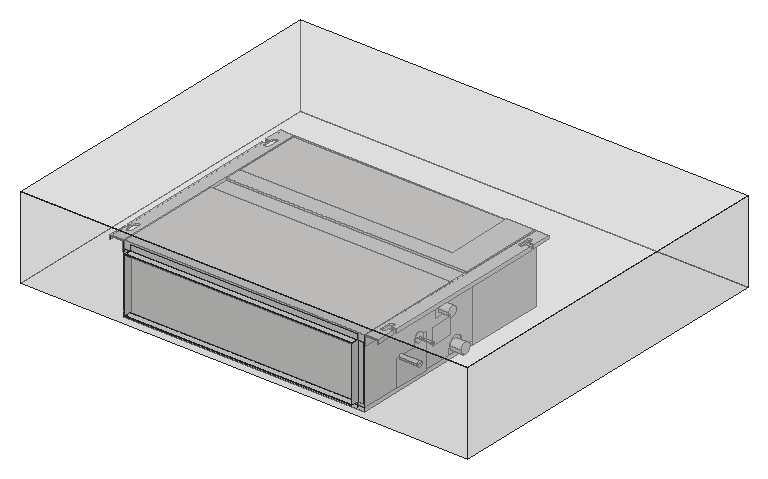
Revit family "outputfile", category 機械設備, Revit 2024
Family settings
  丸型コネクタ寸法 = 半径を使用
  パーツ タイプ = 標準
  OmniClass 番号 = 23.75.10.24.21.27.27
  OmniClass タイトル = Split System Air Conditioning Units
  作業面ベース = いいえ
  常に垂直 = はい
  ロード時にボイドで切り取り = いいえ
  注釈の向きを維持 = いいえ
  共有 = いいえ
  部屋計算ポイント = はい
Parameters (values of type "FXDQ25PDV2S")
  Description = ""
  製造元 = "Daikin"
  書き出し IFC クラス(タイプ) = "IfcUnitaryEquipmentType"
  定義済み IFC タイプ(タイプ) = "AIRCONDITIONINGUNIT"
  Cost = 0
  モデル = "FXDQ25PDV2S"
  Type Comments = ""
  Keynote = ""
  Type Image = (empty or 0)
  Assembly Code = ""
  w_pipe = 33.0 mm
  r_Liquid Pipe Size = Liquid Pipe Size / 2  # 3.2 mm
  r_Gas Pipe Size = Gas Pipe Size / 2  # 6.35 mm
  r_Drain Pipe Size = Drain Pipe Size / 2  # 10.0 mm
  lw_powersupply = 304.0 mm
  lh_suctionflange [instance] = if(Rear Connection_Return Air, 100.0 mm + [h***], 190.0 mm + [h***])  # 100.0 mm
  ld_suctionflange [instance] = if(Rear Connection_Return Air, 190.0 mm, 100.0 mm)  # 190.0 mm
  ld_powersupply = 60.0 mm
  angle_vertical_RA [instance] = if(Rear Connection_Return Air, 90.00°, 0.00°)  # 90.00°
  angle horizontal_RA [instance] = if(Rear Connection_Return Air, 180.00°, 270.00°)  # 180.00°
  Voltage_comment_50Hz = "220-240"
  Voltage_50Hz = 220 V
  URL = ""
  Supply Air Direction [instance] = yes
  Sound Power Level_H speed (dB) = 54
  Rear Connection_Return Air [instance] = not(Bottom Connection_Return Air)  # yes
  RA_length = 190.0 mm  # constant formula
  Phase_50Hz = 1
  Minimum External Static Pressure = 10.00 Pa
  Minimum Circuit Amps_50Hz = 0.8 A
  Maximum Fuse Amps_50Hz = 16.0 A
  Maximum External Static Pressure = 30.00 Pa
  Material_Casing = DAIKIN_GalvanizedSteel_Casing_indoorunit
  lw_liquidpipe = 46.0 mm  # constant formula
  lw_gaspipe = 57.0 mm  # constant formula
  lw_mountinghole_pitch = 740.0 mm  # constant formula
  lw_mountinghole = 20.0 mm  # constant formula
  lw_drainpipe = 33.0 mm  # constant formula
  lh_powersupply = 10.0 mm
  lh_liquidpipe = 110.0 mm
  lh_gaspipe = 87.0 mm
  lh_mountinghole = Height + [h***]  # 200.0 mm
  lh_drainpipe = 150.0 mm
  lh_dischargeflange = 100.0 mm
  lh_antena = 1.0 mm  # constant formula
  ld_liquidpipe = 193.0 mm  # constant formula
  ld_gaspipe = 130.0 mm  # constant formula
  ld_mountinghole_pitch = 500.0 mm  # constant formula
  ld_drainpipe = 280.0 mm
  ld_controlbox = 626.0 mm  # constant formula
  h*** = 0.0 mm  # constant formula
  d_dischargeflange = 21.2 mm  # constant formula
  Width = 700.0 mm
  Version = "ver.1.0"
  Unit Type = "Slim Duct (Standard) Type"
  Unit Mass Weight = 23.00 kg
  Unit Designation [instance] = ""
  Uniclass2015Version = "Products v1.30"
  Uniclass2015Title = "Variable refrigerant flow units"
  Uniclass2015Code = "Pr_70_65_03_94"
  Total Heating Capacity [instance] = 0.000 kW
  Total Cooling Capacity [instance] = 0.000 kW
  Sound Pressure Level_M speed (dBA) = 0
  Sound Pressure Level_L speed (dBA) = 23
  Sound Pressure Level_H speed (dBA) = 28
  Series = "VRV Fan Coil Unit"
  Sensible Cooling Capacity [instance] = 0.000 kW
  SA Duct Size Width = 660.0 mm
  SA Duct Size Height = 160.0 mm
  Refrigerant Type = "R410A"
  RA Duct Size Width = 600.0 mm
  RA Duct Size Height = 180.0 mm
  Power Input (Heating) = 0.067 kW
  Power Input (Cooling) = 0.086 kW
  Option Accessory 3 [instance] = ""
  Option Accessory 2 [instance] = ""
  Option Accessory 1 [instance] = ""
  Nominal Heating Capacity = 3.200 kW
  Nominal Cooling Capacity = 2.800 kW
  Minimum Airflow = 384.00 m³/h
  Median Airflow = 432.00 m³/h
  Maximum Airflow = 480.00 m³/h
  Load Classification = HVAC
  Liquid Pipe Size = 6.4 mm
  Link_Nested Family [instance] = ""
  IfcVersion = "0"
  IfcExportType = "AIRCONDITIONINGUNIT"
  IfcExportAs = "IfcUnitaryEquipmentType"
  Height = 200.0 mm
  Heating Entering Wet Bulb Temperature [instance] = 0.00 °C
  Heating Entering Dry Bulb Temperature [instance] = 0.00 °C
  Heating Ambient Wet Bulb Temperature [instance] = 0.00 °C
  Heating Ambient Dry Bulb Temperature [instance] = 0.00 °C
  Heat Exchanger Type = "Cross Fin Coil"
  Gas Pipe Size = 12.7 mm
  Frequency_50Hz = 50 Hz
  Fan Type = "Sirocco Fan"
  Fan Drive = "Direct Drive"
  FCU Tag No. [instance] = ""
  Drain Pipe Size = 20.0 mm
  Design Supply Airflow [instance] = 0.00 m³/h
  Design Return Airflow [instance] = 0.00 m³/h
  Design External Static Pressure [instance] = 0.00 Pa
  Depth = 620.0 mm
  既定の高さ = 0.0 mm
  Cooling Entering Wet Bulb Temperature [instance] = 0.00 °C
  Cooling Entering Dry Bulb Temperature [instance] = 0.00 °C
  Cooling Ambient Wet Bulb Temperature [instance] = 0.00 °C
  Cooling Ambient Dry Bulb Temperature [instance] = 0.00 °C
  Clearance visibility [instance] = yes
  Clearance Top = 20.0 mm
  Clearance Right = 300.0 mm
  Clearance Rear = 400.0 mm
  Clearance Left = 300.0 mm
  Clearance Front = 0.0 mm
  Clearance Bottom = 20.0 mm
  Bottom Connection_Return Air [instance] = no
Reference planes
  plane 1 "Center (Front/Back)": y = 0
  plane 2: z = 0
  plane 3 "Center (Left/Right)": x = 0
  plane 4 "Back": y = 310
  plane 5 "Front": y = -310
  plane 6 "Left": x = -350
  plane 7 "Right": x = 350
  plane 8 "Top": z = 0
  plane 9 "Bottom": z = -200
  plane 10: x = 330
  plane 11: x = -330
  plane 12: z = -190
  plane 13: z = -6
  plane 14: z = -22
  plane 15: z = -90
  plane 16: z = -113
  plane 17: x = -304
  plane 18: x = 304
  plane 19: x = -370
  plane 20: x = 370
  plane 21: y = -250
  plane 22: y = 250
  plane 23: x = -390
  plane 24: x = 390
  plane 25: x = 396
  plane 26: x = 407
  plane 27: x = 383
  plane 28: z = 0
  plane 29: z = -50
  plane 30 "Clearance Left": x = -650
  plane 31 "Clearance Right": x = 650
  plane 32 "Clearance Rear": y = 710
  plane 33 "Clearance Front": y = -310
  plane 34 "Clearance Top": z = 20
  plane 35 "Clearance Bottom": z = -220
  plane 36: z = -21
  plane 37: z = -170
  plane 38: z = -96.5
  plane 39: x = -40
  plane 40: y = -180
  plane 41: y = -117
  plane 42: y = -30
  plane 43: y = 20
  plane 44: z = -97.5
  plane 45: y = -309
  plane 46: x = -349
  plane 47: z = -100
  plane 48: z = -30
  plane 49: y = 210
  plane 50: z = 301
  plane 51: z = -199
  plane 52: y = 120
  plane 53: z = -101
Forms (mm)
  Extrusion 1, solid
    sketch origin (0, 0, 0) x (1, 0, 0) y (0, 0, 1)
      loop
        line (-350, -190) -> (-350, -200) -> (350, -200) -> (350, -190) -> (-350, -190)
    from -84 to 310
  Extrusion 2, solid, material "DAIKIN_GalvanizedSteel_Casing_indoorunit" <- "Material_Casing"
    sketch origin (0, 0, 0) x (1, 0, 0) y (0, 1, 0)
      loop
        line (-350, -309) -> (350, -309) -> (350, 310) -> (-350, 310) -> (-350, -309)
    from -200 to 0
  Extrusion 3, void
    sketch origin (0, 0, 1) x (1, 0, 0) y (0, 1, 0)
      loop
        line (-350, 62.179) -> (-350, 4.179) -> (350, 4.179) -> (350, 62.179) -> (-350, 62.179)
    from -1 to -7
  Extrusion 4, void
    sketch origin (0, 0, 0) x (0, 1, 0) y (0, 0, 1)
      loop
        line (-5, -190) -> (45, -190) -> (45, -170)
        arc (45, -170) -> (20, -145) -> (-5, -170) r 25
        line (-5, -170) -> (-5, -190)
    from 350 to 345
  Revolve 5, solid, material "DAIKIN_GalvanizedSteel_Casing_indoorunit" <- "Material_Casing"
    sketch origin (0, 0, -113) x (0, -1, 0) y (1, 0, 0)
      loop
        line (173.65, 351) -> (180, 351) -> (180, 407) -> (173.65, 407) -> (173.65, 351)
      axis (180, 351) -> (180, 407)
    angle from 0 to 360
  Revolve 6, solid, material "DAIKIN_GalvanizedSteel_Casing_indoorunit" <- "Material_Casing"
    sketch origin (0, 0, -90) x (0, -1, 0) y (1, 0, 0)
      loop
        line (117, 351) -> (117, 396) -> (113.8, 396) -> (113.8, 351) -> (117, 351)
      axis (117, 396) -> (117, 351)
    angle from 0 to 360
  Extrusion 7, solid, material "DAIKIN_GalvanizedSteel_Casing_indoorunit" <- "Material_Casing"
    sketch origin (0, 0, 0) x (0, 1, 0) y (0, 0, 1)
      loop
        circle (-116, -90) r 12.7
    from 350 to 355.007
  Extrusion 8, solid, material "DAIKIN_GalvanizedSteel_Casing_indoorunit" <- "Material_Casing"
    sketch origin (0, 0, 0) x (0, 1, 0) y (0, 0, 1)
      loop
        circle (20, -170) r 15
    from 345 to 380
  Extrusion 9, solid, material "DAIKIN_GalvanizedSteel_Casing_indoorunit" <- "Material_Casing"
    sketch origin (0, 0, 0) x (0, 1, 0) y (0, 0, 1)
      loop
        line (-52, -30) -> (-52, -70) -> (-11, -70) -> (-11, -30) -> (-52, -30)
    from 350 to 351
  Extrusion 10, solid, material "DAIKIN_GalvanizedSteel_Casing_indoorunit" <- "Material_Casing"
    sketch origin (0, 0, 0) x (0, 1, 0) y (0, 0, 1)
      loop
        circle (-30, -50.064) r 13
    from 350 to 383
  Extrusion 11, solid, material "DAIKIN_GalvanizedSteel_Casing_indoorunit" <- "Material_Casing"
    sketch origin (0, 0, 0) x (0, 1, 0) y (0, 0, 1)
      loop
        line (-63.609, -90) -> (-63.609, -136) -> (0.391, -136) -> (0.391, -90) -> (-63.609, -90)
    from 350 to 351
  Extrusion 12, solid, material "DAIKIN_GalvanizedSteel_Casing_indoorunit" <- "Material_Casing"
    sketch origin (0, 0, 0) x (1, 0, 0) y (0, 0, 1)
      loop
        line (-350, -190) -> (-350, -200) -> (350, -200) -> (350, -190) -> (-350, -190)
    from -84 to 310
  Extrusion 13, solid, material "DAIKIN_GalvanizedSteel_Casing_indoorunit" <- "Material_Casing", visible <- "Bottom Connection_Return Air"
    sketch origin (0, 0, 0) x (1, 0, 0) y (0, 0, 1)
      loop
        line (269, -199) -> (269, -1) -> (-349, -1) -> (-349, -199) -> (269, -199)
    from -310 to -309
  Extrusion 14, void
    sketch origin (0, 0, 0) x (1, 0, 0) y (0, 0, 1)
      loop
        line (269, 0) -> (-349, 0) -> (-349, -1) -> (269, -1) -> (269, 0)
    from -310 to -111
  Extrusion 15, solid, material "DAIKIN_GalvanizedSteel_Casing_indoorunit" <- "Material_Casing", visible <- "Rear Connection_Return Air"
    sketch origin (0, 0, 0) x (1, 0, 0) y (0, 1, 0)
      loop
        line (-349, 309) -> (-349, 111) -> (269, 111) -> (269, 309) -> (-349, 309)
    from -200 to -199
  Extrusion 16, solid, material "DAIKIN_GalvanizedSteel_Casing_indoorunit" <- "Material_Casing"
    sketch origin (0, 0, 0) x (0, 1, 0) y (0, 0, 1)
      loop
        line (-194, -113) -> (-194, -190) -> (-88.3, -190) -> (-88.3, -90) -> (-103.3, -90)
        arc (-103.3, -90) -> (-116, -102.7) -> (-128.7, -90) r 12.7
        line (-128.7, -90) -> (-128.7, -113) -> (-173.65, -113)
        arc (-173.65, -113) -> (-180, -119.35) -> (-186.35, -113) r 6.35
        line (-186.35, -113) -> (-194, -113)
    from 351 to 350
  Extrusion 17, solid, material "DAIKIN_GalvanizedSteel_Casing_indoorunit" <- "Material_Casing"
    sketch origin (0, 0, 0) x (0, 1, 0) y (0, 0, 1)
      loop
        line (84, -199) -> (310, -199) -> (310, -22) -> (91, -22) -> (84, -29) -> (84, -199)
    from 351 to 350
Cuts and joins
  Extrusion 3, Extrusion 4, Extrusion 14 cuts Extrusion 2
  Extrusion 4 cuts Extrusion 1
  Extrusion 14 cuts Extrusion 12
Dimensions and locks
  "lh_powersupply": plane 12 to plane 9 "Bottom"
  locked: plane 8 "Top" to plane 13 at 6
  "Height": plane 8 "Top" to plane 9 "Bottom"
  equal spacing: plane 17, plane 3 "Center (Left/Right)", plane 18, locked at 304 each
  locked: plane 17 to plane 18 at 608
  equal spacing: plane 19, plane 3 "Center (Left/Right)", plane 20, locked at 370 each
  "lw_mountinghole_pitch": plane 19 to plane 20
  locked: plane 14 to plane 9 "Bottom" at 178
  "lw_mountinghole": plane 23 to plane 19
  "lh_liquidpipe": plane 15 to plane 9 "Bottom"
  "lh_gaspipe": plane 16 to plane 9 "Bottom"
  "lh_mountinghole": plane 28 to plane 9 "Bottom"
  "ld_mountinghole_pitch": plane 22 to plane 21
  equal spacing: plane 6 "Left", plane 3 "Center (Left/Right)", plane 7 "Right", locked at 350 each
  "Width": plane 6 "Left" to plane 7 "Right"
  "lh_drainpipe": plane 29 to plane 9 "Bottom"
  "Clearance Right": plane 7 "Right" to plane 31 "Clearance Right"
  "Clearance Left": plane 30 "Clearance Left" to plane 6 "Left"
  "lw_gaspipe": plane 7 "Right" to plane 26
  "lw_liquidpipe": plane 7 "Right" to plane 25
  "lw_drainpipe": plane 7 "Right" to plane 27
  "Clearance Rear": plane 32 "Clearance Rear" to plane 4 "Back"
  "Clearance Front": plane 5 "Front" to plane 33 "Clearance Front"
  "Clearance Top": plane 34 "Clearance Top" to plane 8 "Top"
  "Clearance Bottom": plane 9 "Bottom" to plane 35 "Clearance Bottom"
  "ld_powersupply": plane 4 "Back" to plane 22
  "lw_powersupply": plane 3 "Center (Left/Right)" to plane 18
  locked: plane 8 "Top" to plane 36 at 21
  locked: plane 8 "Top" to plane 37 at 170
  locked: plane 40 to plane 41 at 63
  locked: plane 38 to plane 9 "Bottom" at 103.5
  locked: plane 36 to plane 44 at 76.5
  "Depth": plane 4 "Back" to plane 5 "Front"
  equal spacing: plane 4 "Back", plane 1 "Center (Front/Back)", plane 5 "Front"
  locked: plane 45 to plane 5 "Front" at 1
  locked: plane 46 to plane 6 "Left" at 1
  Extrusion 13 sketch curve to Extrusion 13 sketch curve = 198.0 mm
  locked: nested 13 to plane 39 at 300
  locked: plane 12 to plane 47 at 90
  plane 32 "Clearance Rear" to Extrusion 13 = 401.0 mm
  locked: plane 48 to plane 35 "Clearance Bottom" at 190
  locked: plane 49 to nested 14 at 90
  plane 50 to plane 28 = 301.0 mm
  locked: plane 51 to plane 9 "Bottom" at 1
  "ld_suctionflange": plane 4 "Back" to plane 52
  locked: plane 53 to plane 9 "Bottom" at 99
  aligned and locked: level to plane 2
  aligned and locked: Extrusion 2 to plane 9 "Bottom"
  aligned and locked: plane 8 "Top" to Extrusion 2
  aligned and locked: Revolve 5 sketch curve to Revolve 5 sketch curve
  aligned and locked: plane 15 to Extrusion 7 sketch curve
  aligned and locked: cut or joined group of Extrusion 1, Extrusion 4 to plane 9 "Bottom"
  aligned and locked: plane 24 to nested 1
  aligned and locked: nested 1 to plane 23
  aligned and locked: plane 27 to Extrusion 10
  aligned and locked: plane 25 to nested 6
  aligned and locked: nested 6 to plane 15
  aligned and locked: nested 2 to plane 22
  aligned and locked: plane 20 to nested 2
  aligned and locked: plane 20 to nested 3
  aligned and locked: plane 19 to nested 4
  aligned and locked: plane 22 to nested 5
  aligned and locked: nested 5 to plane 22
  aligned and locked: plane 19 to nested 5
  aligned and locked: nested 8 to plane 29
  aligned and locked: Extrusion 10 to nested 8
  aligned and locked: plane 27 to nested 8
  aligned and locked: plane 22 to nested 12
  aligned and locked: plane 18 to nested 12  (x2)
  aligned and locked: nested 12 to plane 18
  aligned and locked: plane 4 "Back" to nested 12
  aligned and locked: cut or joined group of Extrusion 2, Extrusion 3, Extrusion 4, Extrusion 14 to nested 12
  aligned and locked: nested 12 to plane 12
  aligned and locked: plane 8 "Top" to nested 1
  aligned and locked: Extrusion 12 to plane 5 "Front"
  aligned and locked: Extrusion 12 to plane 9 "Bottom"
  aligned and locked: nested 7 to plane 16
  aligned and locked: plane 4 "Back" to nested 1
  aligned and locked: nested 9 to plane 45
  aligned and locked: plane 40 to nested 7
  aligned and locked: plane 41 to nested 6
  aligned and locked: plane 42 to nested 8
  aligned and locked: Extrusion 8 sketch curve to plane 43
  aligned and locked: nested 13 to plane 46
  aligned and locked: plane 4 "Back" to Extrusion 14
  aligned and locked: nested 14 to Extrusion 15
  aligned and locked: nested 15 to plane 49
  aligned and locked: plane 8 "Top" to Extrusion 3
  aligned and locked: Extrusion 13 to cut or joined group of Extrusion 2, Extrusion 3, Extrusion 4, Extrusion 14
  aligned and locked: Extrusion 13 to nested 13
  aligned and locked: plane 9 "Bottom" to Extrusion 15  (x2)
  aligned and locked: plane 9 "Bottom" to nested 15
  aligned and locked: Extrusion 15 to plane 51
  aligned and locked: plane 4 "Back" to nested 13
  aligned and locked: Extrusion 14 to level
  aligned and locked: plane 32 "Clearance Rear" to nested 16
  aligned and locked: plane 31 "Clearance Right" to nested 16
  aligned and locked: plane 30 "Clearance Left" to nested 16
  aligned and locked: nested 16 to plane 33 "Clearance Front"
  aligned and locked: nested 16 to plane 34 "Clearance Top"
  aligned and locked: nested 16 to plane 35 "Clearance Bottom"
  aligned and locked: plane 7 "Right" to Extrusion 16
  aligned and locked: plane 4 "Back" to Extrusion 17
  aligned and locked: Extrusion 17 to plane 51
  aligned and locked: plane 7 "Right" to Extrusion 17
  aligned and locked: Extrusion 16 to Revolve 5 sketch curve
  aligned and locked: Extrusion 3 to plane 13
  aligned and locked: plane 52 to nested 17
  aligned and locked: plane 53 to nested 9
  aligned and locked: Extrusion 14 to nested 14
  aligned and locked: nested 11 to plane 36
  aligned and locked: level to plane 8 "Top"
Automatic sketch dimensions
  Extrusion 1 sketch curve to plane 6 "Left" = 0.0 mm
  Extrusion 1 sketch curve to plane 7 "Right" = 0.0 mm
  Extrusion 1 sketch curve to plane 9 "Bottom" = 0.0 mm
  Extrusion 1 sketch curve to plane 12 = 0.0 mm
  Extrusion 2 sketch curve to plane 4 "Back" = 0.0 mm
  Extrusion 2 sketch curve to plane 6 "Left" = 0.0 mm
  Extrusion 2 sketch curve to plane 7 "Right" = 0.0 mm
  Extrusion 2 sketch curve to plane 45 = 0.0 mm
  Extrusion 3 sketch curve to plane 6 "Left" = 0.0 mm
  Extrusion 3 sketch curve to plane 7 "Right" = 0.0 mm
  Extrusion 3 sketch curve to plane 1 "Center (Front/Back)" = 4.179 mm
  plane 43 to Extrusion 3 sketch curve = 42.179 mm
  Extrusion 4 sketch curve to plane 37 = 0.0 mm
  Extrusion 4 sketch curve to plane 12 = 0.0 mm
  Extrusion 4 sketch curve to plane 43 = 0.0 mm
  plane 1 "Center (Front/Back)" to Extrusion 4 sketch curve = 5.0 mm
  Revolve 6 sketch curve to plane 25 = 0.0 mm  (x2)
  Revolve 6 sketch curve to plane 41 = 0.0 mm  (x2)
  plane 41 to Revolve 6 sketch curve = 3.2 mm
  plane 7 "Right" to Revolve 6 sketch curve = 1.0 mm
  Revolve 6 sketch curve to Revolve 6 sketch curve = 0.0 mm
  plane 41 to Extrusion 7 sketch curve = 1.0 mm
  Extrusion 8 sketch curve to plane 37 = 0.0 mm
  Extrusion 9 sketch curve to plane 42 = 22.0 mm
  plane 1 "Center (Front/Back)" to Extrusion 9 sketch curve = 11.0 mm
  plane 15 to Extrusion 9 sketch curve = 20.0 mm
  Extrusion 9 sketch curve to plane 14 = 8.0 mm
  Extrusion 10 sketch curve to plane 42 = 0.0 mm
  Extrusion 10 sketch curve to plane 29 = 0.064 mm
  plane 15 to Extrusion 11 sketch curve = 0.0 mm
  Extrusion 11 sketch curve to plane 42 = 33.609 mm
  Extrusion 11 sketch curve to plane 1 "Center (Front/Back)" = 0.391 mm
  Extrusion 11 sketch curve to plane 16 = 23.0 mm
  Extrusion 12 sketch curve to plane 6 "Left" = 0.0 mm
  Extrusion 12 sketch curve to plane 7 "Right" = 0.0 mm
  Extrusion 12 sketch curve to plane 9 "Bottom" = 0.0 mm
  Extrusion 12 sketch curve to plane 12 = 0.0 mm
  plane 46 to Extrusion 13 sketch curve = 0.0 mm
  Extrusion 13 sketch curve to plane 18 = 35.0 mm
  plane 46 to Extrusion 14 sketch curve = 0.0 mm
  Extrusion 14 sketch curve to plane 18 = 35.0 mm
  Extrusion 14 sketch curve to plane 8 "Top" = 1.0 mm
  Extrusion 15 sketch curve to plane 46 = 0.0 mm
  Extrusion 15 sketch curve to plane 4 "Back" = 1.0 mm
  Extrusion 15 sketch curve to plane 18 = 35.0 mm
  plane 43 to Extrusion 15 sketch curve = 91.0 mm
  plane 35 "Clearance Bottom" to Extrusion 14 sketch curve = 220.0 mm
  Extrusion 13 sketch curve to plane 51 = 0.0 mm
  Extrusion 16 sketch curve to plane 12 = 0.0 mm
  Extrusion 16 sketch curve to plane 16 = 0.0 mm
  Extrusion 16 sketch curve to plane 40 = 0.0 mm
  Extrusion 16 sketch curve to plane 15 = 0.0 mm
  Extrusion 16 sketch curve to Extrusion 16 sketch curve = 6.35 mm
  Extrusion 16 sketch curve to Extrusion 16 sketch curve = 7.65 mm
  Extrusion 16 sketch curve to plane 41 = 11.7 mm
  plane 41 to Extrusion 16 sketch curve = 1.0 mm
  Extrusion 16 sketch curve to Extrusion 16 sketch curve = 27.7 mm
  Extrusion 17 sketch curve to plane 51 = 0.0 mm
  Extrusion 17 sketch curve to plane 14 = 0.0 mm
  plane 48 to Extrusion 17 sketch curve = 1.0 mm
  plane 43 to Extrusion 17 sketch curve = 64.0 mm
  Extrusion 17 sketch curve to Extrusion 17 sketch curve = 7.0 mm
  Extrusion 17 sketch curve to plane 4 "Back" = 0.0 mm
  Revolve 5 sketch curve to plane 26 = 0.0 mm
  Revolve 5 sketch curve to plane 40 = 0.0 mm
  plane 40 to Revolve 5 sketch curve = 6.35 mm
  Revolve 5 sketch curve to Revolve 5 sketch curve = 1.003 mm  (x2)
  radius of Extrusion 7 sketch curve = 12.7 mm
  radius of Extrusion 8 sketch curve = 15.0 mm
  radius of Extrusion 10 sketch curve = 13.0 mm
Nested families
  nested 1: "daikin_hangerfixture_FXDQ-PDV2S" at (0, 0.5, 0), type "daikin_hangerfixture_FXDQ-PDV2S"
  nested 2: "daikin_mountinghole" at (370, 250, -200), l_antenna <- "lh_antena", Link_Nested Family <- "Link_Nested Family", h_mountinghole <- "lh_mountinghole", type "daikin_mountinghole"
    with show yes, l_antenna 1.0 mm, h_mountinghole 200.0 mm, Link_Nested Family ""
  nested 3: "daikin_mountinghole" at (370, -250, -200), Link_Nested Family <- "Link_Nested Family", l_antenna <- "lh_antena", h_mountinghole <- "lh_mountinghole", type "daikin_mountinghole"
    with show yes, l_antenna 1.0 mm, h_mountinghole 200.0 mm, Link_Nested Family ""
  nested 4: "daikin_mountinghole" at (-370, -250, -200), l_antenna <- "lh_antena", Link_Nested Family <- "Link_Nested Family", h_mountinghole <- "lh_mountinghole", type "daikin_mountinghole"
    with show yes, l_antenna 1.0 mm, h_mountinghole 200.0 mm, Link_Nested Family ""
  nested 5: "daikin_mountinghole" at (-370, 250, -200), l_antenna <- "lh_antena", Link_Nested Family <- "Link_Nested Family", h_mountinghole <- "lh_mountinghole", type "daikin_mountinghole"
    with show yes, l_antenna 1.0 mm, h_mountinghole 200.0 mm, Link_Nested Family ""
  nested 6: "daikin_connector_rotate2" at (350, -117, -90) x (0, 1, 0) z (0, 0, 1), length <- "lw_liquidpipe", built-in parameter 1001364 <- "lh_liquidpipe", radius <- "r_Liquid Pipe Size", type "daikin_connector_rotate2"
    with radius 3.2 mm, length 46.0 mm, angle_vertical 90.00°, show_face no
  nested 7: "daikin_connector_rotate2" at (350, -180, -113) x (0, 1, 0) z (0, 0, 1), length <- "lw_gaspipe", built-in parameter 1001364 <- "lh_gaspipe", radius <- "r_Gas Pipe Size", type "daikin_connector_rotate2"
    with radius 6.35 mm, length 57.0 mm, angle_vertical 90.00°, show_face no
  nested 8: "daikin_connector_rotate2" at (350, -30, -50) x (0, 1, 0) z (0, 0, 1), built-in parameter 1001364 <- "lh_drainpipe", length <- "lw_drainpipe", radius <- "r_Drain Pipe Size", type "daikin_connector_rotate2"
    with radius 10.0 mm, length 33.0 mm, angle_vertical 90.00°, show_face no
  nested 9: "daikin_connector_rotate2" at (0, -309, -101), length <- "d_dischargeflange", built-in parameter 1001364 <- "lh_dischargeflange", type "daikin_connector_rotate2"
    with radius 10.0 mm, length 21.2 mm, angle_vertical 90.00°, show_face no
  nested 10: "daikin_△_symbolicline" at (-76.446, -102.452, 200) x (-0.5, 0.866, 0) z (0, 0, 1), built-in parameter 1001364 <- "Height", visible <- "Supply Air Direction", type "daikin_△_symbolicline"
    with length 300.0 mm
  nested 11: "daikin_ductflange_FXDQ-PDV2S" at (0, 4.5, -371.201), material <- "Material_Casing", type "daikin_ductflange_FXDQ-PDV2S"
    with width 660.0 mm, material DAIKIN_GalvanizedSteel_Casing_indoorunit, height 162.0 mm, depth 21.2 mm
  nested 12: "daikin_connector_rotate2" at (304, 250, -190) x (-1, 0, 0) z (0, 0, 1), built-in parameter 1001364 <- "lh_powersupply", length <- "ld_powersupply", type "daikin_connector_rotate2"
    with radius 10.0 mm, length 60.0 mm, angle_vertical 90.00°, show_face no
  nested 13: "daikin_ductflange_FXDQ-PDV2S2" at (-40, 310, -100), visible <- "Rear Connection_Return Air", material <- "Material_Casing", type "daikin_ductflange_FXDQ-PDV2S2"
    with width 620.0 mm, material DAIKIN_GalvanizedSteel_Casing_indoorunit, height 180.0 mm, depth 21.2 mm
  nested 14: "daikin_ductflange_FXDQ-PDV2S2" at (-40, 210, -200) x (1, 0, 0) z (0, 1, 0), visible <- "Bottom Connection_Return Air", material <- "Material_Casing", type "daikin_ductflange_FXDQ-PDV2S2"
    with width 620.0 mm, material DAIKIN_GalvanizedSteel_Casing_indoorunit, height 180.0 mm, depth 21.2 mm
  nested 15: "daikin_connector_rotate2" at (-40, 210, -178.8) x (1, 0, 0) z (0, 1, 0), length <- "d_dischargeflange", built-in parameter 1001364 <- "lh_dischargeflange", type "daikin_connector_rotate2"
    with radius 10.0 mm, length 21.2 mm, angle_vertical 90.00°, show_face no
  nested 16: "daikin_clearancespace" at (0, 200, -99.881), visible <- "Clearance visibility", show <- "Clearance visibility", Link_Nested Family <- "Link_Nested Family", type "daikin_clearancespace"
    with width 1300.0 mm, show yes, height 240.0 mm, depth 1020.0 mm, Link_Nested Family ""
  nested 17: "daikin_connector_rotate3" at (-40, 120, -100), built-in parameter 1001364 <- "lh_suctionflange", angle_vertical <- "angle_vertical_RA", angle_horizontal <- "angle horizontal_RA", length <- "RA_length", type "daikin_connector_rotate3"
    with show no, radius 10.0 mm, length 190.0 mm, angle_vertical 90.00°, angle_horizontal 180.00°
Connectors
  piping at (407, -180, -113), diameter 12.7, driven by "r_Gas Pipe Size"
    settings: on nested 7, index 1, connector inside diameter 609.6 mm, connector length 0.0 mm, flow factor 0, pipe flow 0.00 m³/h, pressure drop 0.0 Pa, fitting loss kfactor 0, connector angle 0.00°, fixture units 0, engagement length 0.0 mm, angle of deflection 0.00°, flow configuration 1, flow direction 2, fitting loss method 0, system type 29, joint type 0, gender type 0, connector reference index -1, connector utility 0, adjustable connector no, is connector primary yes, connector description "Refrigerant Gas Piping"
  piping at (396, -117, -90), diameter 6.4, driven by "r_Liquid Pipe Size"
    settings: on nested 6, index 2, connector inside diameter 609.6 mm, connector length 0.0 mm, flow factor 0, pipe flow 0.00 m³/h, pressure drop 0.0 Pa, fitting loss kfactor 0, connector angle 0.00°, fixture units 0, engagement length 0.0 mm, angle of deflection 0.00°, flow configuration 1, flow direction 1, fitting loss method 0, system type 29, joint type 0, gender type 0, connector reference index -1, connector utility 0, adjustable connector no, is connector primary no, connector description "Refrigerant Liquid Piping"
  piping at (383, -30, -50), diameter 20, driven by "r_Drain Pipe Size"
    settings: on nested 8, index 3, connector inside diameter 609.6 mm, connector length 0.0 mm, flow factor 0, pipe flow 0.00 m³/h, pressure drop 0.0 Pa, fitting loss kfactor 0, connector angle 0.00°, fixture units 0, engagement length 0.0 mm, angle of deflection 0.00°, flow configuration 1, flow direction 2, fitting loss method 4, system type 16, joint type 0, gender type 0, connector reference index -1, connector utility 0, adjustable connector no, is connector primary no, connector description "Condensate Drain Piping"
  hvac at (0, -330.2, -101), driven by "SA Duct Size Height", driven by "SA Duct Size Width"
    settings: on nested 9, index 7, duct flow 0.00 m³/h, flow factor 0, pres drop 0.00 Pa, loss coef 0, conn angle 0.00°, conn width 660.0 mm, conn height 160.0 mm, conn diameter 609.6 mm, duct sys type 1, conn prof type 1, flow config 0, flow direction 2, loss method 4, conn ref index -1, conn util no, is conn primary yes, conn desc "SA Duct"
  electrical at (304, 310, -190), driven by "Load Classification"
    settings: on nested 12, index 9, voltage 0 V, apparent load 0 VA, apparent load phase1 0 VA, apparent load phase2 0 VA, apparent load phase3 0 VA, power factor 1, load classification "HVAC", number of poles 1, system type 30, power factor state 1, is connector primary yes, connector utility no, sub classification motor no, connector description "Power Supply"
  hvac at (-40, 310, -100), driven by "RA Duct Size Height", driven by "RA Duct Size Width"
    settings: on nested 17, index 10, duct flow 0.00 m³/h, flow factor 0, pres drop 0.00 Pa, loss coef 0, conn angle 0.00°, conn width 600.0 mm, conn height 180.0 mm, conn diameter 609.6 mm, duct sys type 2, conn prof type 1, flow config 0, flow direction 1, loss method 4, conn ref index -1, conn util no, is conn primary no, conn desc "RA Duct"
Definition of nested family "daikin_hangerfixture_FXDQ-PDV2S"
  Parameters (values of type "daikin_hangerfixture_FXDQ-PDVE")
    width = 48.0 mm
    material = none
    height = 65.0 mm
    depth = 619.0 mm
    Default Elevation = 0.0 mm
  Reference planes
    plane 1 "Center (Front/Back)": y = 0
    plane 2: z = 0
    plane 3 "Center (Left/Right)": x = 0
    plane 4: x = 350
    plane 5: y = 309.5
    plane 6: y = -309.5
  Forms (mm)
    Extrusion 1, solid, material <- "material"
      sketch origin (0, 0, 0) x (1, 0, 0) y (0, 0, 1)
        loop
          line (350, 0) -> (350, -30) -> (352.3, -30) -> (352.3, -2.3) -> (387.7, -2.3) -> (387.7, -10) -> (390, -10) -> (390, 0) -> (350, 0)
      from -309.5 to 309.5
    Extrusion 2, void
      sketch origin (0, 0, 0) x (0, 1, 0) y (0, 0, 1)
        loop
          line (309.5, -30) -> (309.5, -17.979) -> (87.935, -17.979) -> (75.914, -30) -> (309.5, -30)
      from 0 to 618
    Extrusion 3, void
      sketch origin (0, 0, 0) x (1, 0, 0) y (0, 1, 0)
        loop
          line (390, -244) -> (377, -244) -> (377, -237.5)
          arc (377, -237.5) -> (370, -230.5) -> (363, -237.5) r 7
          line (363, -237.5) -> (363, -263.5)
          arc (363, -263.5) -> (370, -270.5) -> (377, -263.5) r 7
          line (377, -263.5) -> (377, -257) -> (390, -257) -> (390, -244)
        loop
          line (390, 243) -> (390, 256) -> (377, 256) -> (377, 262.5)
          arc (377, 262.5) -> (370, 269.5) -> (363, 262.5) r 7
          line (363, 262.5) -> (363, 236.5)
          arc (363, 236.5) -> (370, 229.5) -> (377, 236.5) r 7
          line (377, 236.5) -> (377, 243) -> (390, 243)
      from -254.96 to 618
    Extrusion 4, solid, material <- "material"
      sketch origin (0, 0, 0) x (-1, 0, 0) y (0, 0, -1)
        loop
          line (350, 0) -> (390, 0) -> (390, 10) -> (387.7, 10) -> (387.7, 2.3) -> (352.3, 2.3) -> (352.3, 30) -> (350, 30) -> (350, 0)
      from -309.5 to 309.5
    Extrusion 5, void
      sketch origin (0, 0, 0) x (-1, 0, 0) y (0, -1, 0)
        loop
          line (390, 244) -> (390, 257) -> (377, 257) -> (377, 263.5)
          arc (377, 263.5) -> (370, 270.5) -> (363, 263.5) r 7
          line (363, 263.5) -> (363, 237.5)
          arc (363, 237.5) -> (370, 230.5) -> (377, 237.5) r 7
          line (377, 237.5) -> (377, 244) -> (390, 244)
        loop
          line (390, -243) -> (377, -243) -> (377, -236.5)
          arc (377, -236.5) -> (370, -229.5) -> (363, -236.5) r 7
          line (363, -236.5) -> (363, -262.5)
          arc (363, -262.5) -> (370, -269.5) -> (377, -262.5) r 7
          line (377, -262.5) -> (377, -256) -> (390, -256) -> (390, -243)
      from -254.96 to 618
  Cuts and joins
    Extrusion 2, Extrusion 3, Extrusion 5 cuts Extrusion 1
    Extrusion 5 cuts Extrusion 4
  Dimensions and locks
    locked: plane 4 to plane 3 "Center (Left/Right)" at 350
    equal spacing: plane 5, plane 1 "Center (Front/Back)", plane 6
    "depth": plane 5 to plane 6
    locked: plane 3 "Center (Left/Right)" to plane 4 at 350
    plane 6 to plane 1 "Center (Front/Back)" to plane 5 = 309.5 mm, 309.5 mm
    aligned and locked: level to plane 2
    aligned and locked: plane 5 to Extrusion 1
    aligned and locked: Extrusion 1 to plane 6
    aligned and locked: Extrusion 1 to plane 4
    aligned and locked: plane 5 to cut or joined group of Extrusion 1, Extrusion 2, Extrusion 3, Extrusion 5
    aligned and locked: cut or joined group of Extrusion 1, Extrusion 2, Extrusion 3, Extrusion 5 to plane 6
    aligned and locked: level to cut or joined group of Extrusion 1, Extrusion 2, Extrusion 3, Extrusion 5
    aligned and locked: plane 5 to cut or joined group of Extrusion 4, Extrusion 5
    aligned and locked: cut or joined group of Extrusion 4, Extrusion 5 to plane 6
  Automatic sketch dimensions
    Extrusion 1 sketch curve to plane 4 = 0.0 mm
    Extrusion 1 sketch curve to level = 0.0 mm
    plane 4 to Extrusion 1 sketch curve = 2.3 mm
    Extrusion 1 sketch curve to level = 2.3 mm
    Extrusion 1 sketch curve to Extrusion 1 sketch curve = 35.4 mm
    Extrusion 1 sketch curve to Extrusion 1 sketch curve = 2.3 mm
    Extrusion 1 sketch curve to Extrusion 1 sketch curve = 7.7 mm
    Extrusion 1 sketch curve to Extrusion 1 sketch curve = 27.7 mm
    Extrusion 2 sketch curve to plane 5 = 0.0 mm
    Extrusion 2 sketch curve to level = 17.979 mm
    Extrusion 2 sketch curve to plane 1 "Center (Front/Back)" = 87.935 mm
    Extrusion 2 sketch curve to level = 30.0 mm
    Extrusion 2 sketch curve to Extrusion 2 sketch curve = 12.021 mm
    plane 4 to Extrusion 3 sketch curve = 13.0 mm  (x2)
    Extrusion 3 sketch curve to Extrusion 3 sketch curve = 7.0 mm  (x4)
    Extrusion 3 sketch curve to Extrusion 3 sketch curve = 13.0 mm  (x4)
    plane 6 to Extrusion 3 sketch curve = 46.0 mm
    Extrusion 3 sketch curve to Extrusion 3 sketch curve = 6.5 mm  (x4)
    Extrusion 3 sketch curve to plane 5 = 73.0 mm
    Extrusion 4 sketch curve to level = 0.0 mm
    Extrusion 4 sketch curve to level = 30.0 mm
    Extrusion 4 sketch curve to plane 3 "Center (Left/Right)" = 350.0 mm
    Extrusion 4 sketch curve to Extrusion 4 sketch curve = 2.3 mm  (x2)
    Extrusion 4 sketch curve to level = 2.3 mm
    Extrusion 4 sketch curve to Extrusion 4 sketch curve = 35.4 mm
    Extrusion 4 sketch curve to Extrusion 4 sketch curve = 7.7 mm
    Extrusion 5 sketch curve to plane 5 = 73.0 mm
    Extrusion 5 sketch curve to plane 3 "Center (Left/Right)" = 363.0 mm  (x2)
    plane 6 to Extrusion 5 sketch curve = 72.0 mm
    Extrusion 5 sketch curve to Extrusion 5 sketch curve = 7.0 mm  (x4)
    Extrusion 5 sketch curve to Extrusion 5 sketch curve = 13.0 mm  (x4)
    Extrusion 5 sketch curve to Extrusion 5 sketch curve = 6.5 mm  (x4)
Definition of nested family "daikin_ductflange_FXDQ-PDV2S"
  Parameters (values of type "daikin_ductflange_FXDQ-PDVE")
    width [instance] = 660.0 mm
    material [instance] = none
    height [instance] = 162.0 mm
    depth [instance] = 21.2 mm
    Default Elevation = 0.0 mm
  Reference planes
    plane 1 "Center (Front/Back)": y = 0
    plane 2: z = 189.201
    plane 3 "Center (Left/Right)": x = 0
    plane 4: y = -313.5
    plane 5: x = -330
    plane 6: x = 330
    plane 7: y = -334.7
    plane 8: z = 351.201
    plane 9: z = 270.201
    plane 10: z = 350.201
    plane 11: z = 190.201
  Forms (mm)
    Extrusion 1, solid, material <- "material"
      sketch origin (0, 0, 189.201) x (1, 0, 0) y (0, 1, 0)
        loop
          line (-330, -334.7) -> (-330, -313.5) -> (-348, -313.5) -> (-348, -314.5) -> (-331, -314.5) -> (-331, -334.7) -> (-330, -334.7)
        loop
          line (330, -334.7) -> (331, -334.7) -> (331, -314.5) -> (348, -314.5) -> (348, -313.5) -> (330, -313.5) -> (330, -334.7)
      from 1 to 161
    Extrusion 2, solid, material <- "material"
      sketch origin (0, 0, 0) x (0, 1, 0) y (0, 0, 1)
        loop
          line (-313.5, 350.201) -> (-313.5, 365.201) -> (-314.5, 365.201) -> (-314.5, 351.201) -> (-334.7, 351.201) -> (-334.7, 350.201) -> (-313.5, 350.201)
        loop
          line (-313.5, 190.201) -> (-334.7, 190.201) -> (-334.7, 189.201) -> (-314.5, 189.201) -> (-314.5, 175.201) -> (-313.5, 175.201) -> (-313.5, 190.201)
      from -330 to 330
  Dimensions and locks
    plane 4 to plane 1 "Center (Front/Back)" = 313.5 mm
    "depth": plane 7 to plane 4
    equal spacing: plane 8, plane 9, level, locked at 81 each
    "height": plane 8 to level
    equal spacing: plane 6, plane 3 "Center (Left/Right)", plane 5, locked at 330 each
    "width": plane 6 to plane 5
    plane 5 to plane 6 = 660.0 mm
    locked: Extrusion 1 sketch curve to Extrusion 1 sketch curve at 660
    locked: plane 8 to plane 10 at 1
    locked: plane 11 to level at 1
    locked: Extrusion 1 to Extrusion 2 sketch curve at 1
    locked: Extrusion 2 sketch curve to Extrusion 1 at 1
    locked: Extrusion 1 sketch curve to Extrusion 1 sketch curve at 1  (x2)
    aligned and locked: level to plane 2
    aligned and locked: plane 4 to Extrusion 1  (x2)
    aligned and locked: plane 5 to Extrusion 1
    aligned and locked: Extrusion 1 to plane 7  (x2)
    aligned and locked: Extrusion 1 to plane 6
    aligned and locked: Extrusion 1 to plane 10
    aligned and locked: Extrusion 1 to plane 11
    aligned and locked: plane 10 to Extrusion 1
    aligned and locked: plane 11 to Extrusion 1
    aligned and locked: Extrusion 2 to plane 5
    aligned and locked: plane 5 to Extrusion 2
    aligned and locked: plane 6 to Extrusion 2
    aligned and locked: Extrusion 2 to plane 6
    aligned and locked: Extrusion 2 to plane 11
    aligned and locked: Extrusion 2 to plane 10
  Automatic sketch dimensions
    Extrusion 1 sketch curve to plane 4 = 0.0 mm  (x2)
    Extrusion 1 sketch curve to plane 7 = 0.0 mm  (x2)
    Extrusion 1 sketch curve to plane 5 = 0.0 mm
    Extrusion 1 sketch curve to plane 5 = 1.0 mm
    Extrusion 1 sketch curve to Extrusion 1 sketch curve = 17.0 mm  (x2)
    plane 6 to Extrusion 1 sketch curve = 1.0 mm
    Extrusion 2 sketch curve to plane 7 = 0.0 mm  (x2)
    Extrusion 2 sketch curve to plane 4 = 0.0 mm  (x2)
    Extrusion 2 sketch curve to plane 11 = 0.0 mm
    Extrusion 2 sketch curve to plane 10 = 0.0 mm
    Extrusion 2 sketch curve to plane 4 = 1.0 mm  (x2)
    Extrusion 2 sketch curve to level = 14.0 mm
    plane 8 to Extrusion 2 sketch curve = 14.0 mm
Definition of nested family "daikin_ductflange_FXDQ-PDV2S2"
  Parameters (values of type "daikin_ductflange_FXDQ-PDVE2")
    width [instance] = 620.0 mm
    material [instance] = none
    height [instance] = 180.0 mm
    depth [instance] = 21.2 mm
    Default Elevation = 0.0 mm
  Reference planes
    plane 1 "Center (Front/Back)": y = 0
    plane 2: z = 0
    plane 3 "Center (Left/Right)": x = 0
    plane 4: y = -313.5
    plane 5: y = -334.7
    plane 6: x = -310
    plane 7: x = 310
    plane 8: z = 90
    plane 9: z = -90
    plane 10: z = 100
    plane 11: z = -100
    plane 12: x = -309
    plane 13: x = 309
  Forms (mm)
    Extrusion 1, solid, material <- "material"
      sketch origin (0, 0, 0) x (1, 0, 0) y (0, 0, 1)
        loop
          line (-300, 90) -> (-300, -90) -> (300, -90) -> (300, 90) -> (-300, 90)
        loop
          line (-309, -99) -> (309, -99) -> (309, 99) -> (-309, 99) -> (-309, -99)
      from 0 to 1
  Dimensions and locks
    plane 4 to plane 1 "Center (Front/Back)" = 313.5 mm
    "depth": plane 5 to plane 4
    equal spacing: plane 7, plane 3 "Center (Left/Right)", plane 6, locked at 310 each
    "width": plane 7 to plane 6
    equal spacing: plane 8, level, plane 9, locked at 90 each
    "height": plane 8 to plane 9
    equal spacing: plane 10, level, plane 11, locked at 100 each
    locked: plane 10 to plane 11 at 200
    plane 12 to plane 6 = 1.0 mm
    locked: plane 7 to plane 13 at 1
    locked: Extrusion 1 sketch curve to Extrusion 1 sketch curve at 9  (x4)
    locked: plane 10 to Extrusion 1 sketch curve at 1
    locked: Extrusion 1 sketch curve to plane 11 at 1
    aligned and locked: level to plane 2
  Automatic sketch dimensions
    plane 6 to Extrusion 1 sketch curve = 1.0 mm
    Extrusion 1 sketch curve to plane 7 = 1.0 mm
Definition of nested family "daikin_clearancespace"
  Parameters (values of type "daikin_clearancespace")
    width [instance] = 1823.963 mm
    show [instance] = yes
    material = none
    height [instance] = 1359.762 mm
    depth [instance] = 880.0 mm
    Default Elevation = 0.0 mm
    Link_Nested Family [instance] = ""
  Reference planes
    plane 1 "Center (Front/Back)": y = 0
    plane 2 "Center (Elevation)": z = -0.119
    plane 3 "Center (Left/Right)": x = 0
    plane 4: y = 440
    plane 5: y = -440
    plane 6 "Right": x = 911.982
    plane 7 "Left": x = -911.982
    plane 8 "Top": z = 679.762
    plane 9 "Bottom": z = -680
  Forms (mm)
    Extrusion 1, solid, material <- "material", visible <- "show"
      sketch origin (0, 0, 0) x (1, 0, 0) y (0, 1, 0)
        loop
          line (-911.982, 440) -> (-911.982, -440) -> (911.982, -440) -> (911.982, 440) -> (-911.982, 440)
      from -680 to 679.762
  Lines and regions (mm)
    symbolic lines, visible <- "show"
      curve 1: line (911.982, 440, 0) -> (-911.982, 440, 0)
      curve 2: line (-911.982, 440, 0) -> (-911.982, -440, 0)
      curve 3: line (-911.982, -440, 0) -> (911.982, -440, 0)
      curve 4: line (911.982, -440, 0) -> (911.982, 440, 0)
      curve 5: line (911.982, 0, 679.762) -> (-911.982, 0, 679.762)
      curve 6: line (911.982, 0, -680) -> (911.982, 0, 679.762)
      curve 7: line (-911.982, 0, -680) -> (911.982, 0, -680)
      curve 8: line (-911.982, 0, 679.762) -> (-911.982, 0, -680)
      curve 9: line (0, 440, 679.762) -> (0, -440, 679.762)
      curve 10: line (0, -440, 679.762) -> (0, -440, -680)
      curve 11: line (0, 440, -680) -> (0, 440, 679.762)
      curve 12: line (0, -440, -680) -> (0, 440, -680)
  Dimensions and locks
    "width": plane 7 "Left" to plane 6 "Right"
    "depth": plane 4 to plane 5
    "height": plane 8 "Top" to plane 9 "Bottom"
    equal spacing: plane 7 "Left", plane 3 "Center (Left/Right)", plane 6 "Right"
    equal spacing: plane 4, plane 1 "Center (Front/Back)", plane 5
    equal spacing: plane 8 "Top", plane 2 "Center (Elevation)", plane 9 "Bottom"
    aligned and locked: level to plane 2 "Center (Elevation)"
    aligned and locked: Extrusion 1 sketch curve to plane 4
    aligned and locked: plane 7 "Left" to Extrusion 1 sketch curve
    aligned and locked: Extrusion 1 sketch curve to plane 5
    aligned and locked: Extrusion 1 sketch curve to plane 6 "Right"
    aligned and locked: plane 8 "Top" to Extrusion 1
    aligned and locked: curve 1 to Extrusion 1
    aligned and locked: curve 2 to Extrusion 1
    aligned and locked: curve 3 to Extrusion 1
    aligned and locked: curve 4 to Extrusion 1
    aligned and locked: curve 5 to Extrusion 1
    aligned and locked: curve 6 to Extrusion 1
    aligned and locked: curve 7 to Extrusion 1
    aligned and locked: curve 8 to Extrusion 1
    aligned and locked: curve 9 to Extrusion 1
    aligned and locked: curve 10 to Extrusion 1
    aligned and locked: curve 11 to Extrusion 1
    aligned and locked: curve 12 to Extrusion 1
    aligned and locked: Extrusion 1 to plane 9 "Bottom"
Definition of nested family "daikin_mountinghole"
  Parameters (values of type "daikin_mountinghole")
    Default Elevation = 1219.2 mm
    Type Comments = "mountinghole"
    show [instance] = yes
    material = none
    l_centerline = 100.0 mm
    l_antenna [instance] = 100.0 mm
    h_mountinghole [instance] = 0.0 mm
    d_circle = 30.0 mm
    Link_Nested Family [instance] = ""
  Reference planes
    plane 1 "Center (Front/Back)": y = 0
    plane 2: z = 0
    plane 3 "Center (Left/Right)": x = 0
    plane 4: y = 50
    plane 5: x = -50
    plane 6: x = 50
    plane 7: y = -50
    plane 8 "h_mountinghole": z = 0
    plane 9: z = 100
  Lines and regions (mm)
    model lines, detail levels fine
      curve 1: circle (0, 0, 0) r 15 normal (0, 0, 1)
      curve 2: line (-50, 0, 0) -> (50, 0, 0)
      curve 3: line (0, 50, 0) -> (0, -50, 0)
    symbolic lines, detail levels fine
      curve 4: circle (0, 0, 0) r 15 normal (0, 0, 1)
      curve 5: line (-50, 0, 0) -> (50, 0, 0)
      curve 6: line (0, 50, 0) -> (0, -50, 0)
    model lines
      curve 7: line (0, 0, 100) -> (0, 0, 0)
  Dimensions and locks
    equal spacing: plane 4, plane 1 "Center (Front/Back)", plane 7
    "l_centerline": plane 4 to plane 7
    equal spacing: plane 5, plane 3 "Center (Left/Right)", plane 6
    "l_centerline": plane 5 to plane 6
    "l_antenna": plane 9 to plane 8 "h_mountinghole"
    "h_mountinghole": plane 8 "h_mountinghole" to plane 2
    "d_circle": diameter of curve 1
    "d_circle": diameter of curve 4
    aligned and locked: level to plane 2
    aligned and locked: plane 1 "Center (Front/Back)" to curve 1
    aligned and locked: plane 3 "Center (Left/Right)" to curve 1
    aligned and locked: plane 1 "Center (Front/Back)" to curve 2
    aligned and locked: curve 3 to plane 3 "Center (Left/Right)"
    aligned and locked: plane 6 to curve 2
    aligned and locked: plane 5 to curve 2
    aligned and locked: plane 4 to curve 3
    aligned and locked: plane 7 to curve 3
    aligned and locked: plane 1 "Center (Front/Back)" to curve 4
    aligned and locked: plane 3 "Center (Left/Right)" to curve 4
    aligned and locked: plane 6 to curve 5
    aligned and locked: plane 5 to curve 5
    aligned and locked: plane 1 "Center (Front/Back)" to curve 5
    aligned and locked: plane 4 to curve 6
    aligned and locked: plane 7 to curve 6
    aligned and locked: curve 6 to plane 3 "Center (Left/Right)"
    aligned and locked: curve 7 to plane 3 "Center (Left/Right)"
    aligned and locked: plane 9 to curve 7
    aligned and locked: plane 8 "h_mountinghole" to curve 7
Definition of nested family "daikin_connector_rotate2"
  Parameters (values of type "daikin_connector_rotate2")
    show_face = yes
    radius [instance] = 10.0 mm
    length [instance] = 600.0 mm
    d_surface = 10.0 mm
    angle_vertical [instance] = 90.00°
    Default Elevation = 0.0 mm
  Reference planes
    plane 1 "Center (Front/Back)": y = 0
    plane 2: z = 0
    plane 3 "Center (Left/Right)": x = 0
  Forms (mm)
    Extrusion 1, solid, visible <- "show_face"
      sketch origin (0, -600, 0) x (1, 0, 0) y (0, 0, 1)
        loop
          circle (0, 0) r 10
      from 0 to -10
  Lines and regions (mm)
    reference lines
      curve 1: line (0, 0, 0) -> (0, -600, 0)
    symbolic lines
      curve 2: circle (0, 0, 0) r 5 normal (0, 0, 1)
    model lines, visible <- "show_face"
      curve 3: line (0, 0, 0) -> (0, -600, 0)
  Dimensions and locks
    "length": curve 1 to curve 1
    "length": curve 3 to curve 3
    "d_surface": Extrusion 1 to Extrusion 1
    "radius": radius of Extrusion 1 sketch curve
    "angle_vertical": angle curve 1 to plane 1 "Center (Front/Back)"
    "angle_vertical": angle curve 3 to plane 1 "Center (Front/Back)"
    aligned and locked: level to plane 2
    aligned and locked: plane 1 "Center (Front/Back)" to curve 1
    aligned and locked: plane 2 to curve 1
    aligned and locked: plane 1 "Center (Front/Back)" to curve 2
    aligned and locked: plane 3 "Center (Left/Right)" to curve 2
    aligned and locked: plane 1 "Center (Front/Back)" to curve 3
    aligned and locked: plane 2 to curve 3
    aligned and locked: Extrusion 1 to Extrusion 1
  Automatic sketch dimensions
    Extrusion 1 sketch curve to level = 0.0 mm
    Extrusion 1 sketch curve to plane 3 "Center (Left/Right)" = 0.0 mm
    radius of curve 2 = 5.0 mm
Definition of nested family "daikin_△_symbolicline"
  Parameters (values of type "daikin_△_symbolicline")
    length [instance] = 500.0 mm
    Default Elevation = 0.0 mm
  Reference planes
    plane 1 "Center (Front/Back)": y = 0
    plane 2: z = 0
    plane 3 "Center (Left/Right)": x = 0
  Lines and regions (mm)
    symbolic lines
      curve 1: line (0, -433.013, 0) -> (250, 0, 0)
      curve 2: line (250, 0, 0) -> (-250, 0, 0)
      curve 3: line (-250, 0, 0) -> (0, -433.013, 0)
  Dimensions and locks
    equal spacing: curve 3, plane 3 "Center (Left/Right)", curve 2
    "length": curve 3 to curve 2
    "length": curve 3 to curve 3
    "length": curve 1 to curve 1
    aligned and locked: level to plane 2
    aligned and locked: curve 2 to plane 1 "Center (Front/Back)"
    aligned and locked: plane 3 "Center (Left/Right)" to curve 3
Definition of nested family "daikin_connector_rotate3"
  Parameters (values of type "daikin_connector_rotate3")
    Default Elevation = 1219.2 mm
    show [instance] = yes
    radius [instance] = 10.0 mm
    length [instance] = 600.0 mm
    angle_horizontal [instance] = 60.00°
    angle_vertical [instance] = 90.00°
  Reference planes
    plane 1 "Center (Front/Back)": y = 0
    plane 2: z = 0
    plane 3 "Center (Left/Right)": x = 0
  Dimensions and locks
    "angle_horizontal": angle plane 3 "Center (Left/Right)" to nested 1
    aligned and locked: level to plane 2
    aligned and locked: plane 1 "Center (Front/Back)" to nested 1  (x2)
    aligned and locked: plane 3 "Center (Left/Right)" to nested 1
  Nested families
    nested 1: "daikin_connector_rotate2" at (0, 0, 0) x (0.5, 0.866, 0) z (0, 0, 1), angle_vertical <- "angle_vertical", length <- "length", radius <- "radius", type "daikin_connector_rotate2"
      with radius 10.0 mm, length 600.0 mm, angle_vertical 90.00°
  Definition of nested family "daikin_connector_rotate2"
    Parameters (values of type "daikin_connector_rotate2")
      show_face = yes
      radius [instance] = 10.0 mm
      length [instance] = 600.0 mm
      d_surface = 10.0 mm
      angle_vertical [instance] = 90.00°
      Default Elevation = 0.0 mm
    Reference planes
      plane 1 "Center (Front/Back)": y = 0
      plane 2: z = 0
      plane 3 "Center (Left/Right)": x = 0
    Forms (mm)
      Extrusion 1, solid, visible <- "show_face"
        sketch origin (0, -600, 0) x (1, 0, 0) y (0, 0, 1)
          loop
            circle (0, 0) r 10
        from 0 to -10
    Lines and regions (mm)
      reference lines
        curve 1: line (0, 0, 0) -> (0, -600, 0)
      symbolic lines
        curve 2: circle (0, 0, 0) r 5 normal (0, 0, 1)
      model lines, visible <- "show_face"
        curve 3: line (0, 0, 0) -> (0, -600, 0)
    Dimensions and locks
      "length": curve 1 to curve 1
      "length": curve 3 to curve 3
      "d_surface": Extrusion 1 to Extrusion 1
      "radius": radius of Extrusion 1 sketch curve
      "angle_vertical": angle curve 1 to plane 1 "Center (Front/Back)"
      "angle_vertical": angle curve 3 to plane 1 "Center (Front/Back)"
      aligned and locked: level to plane 2
      aligned and locked: plane 1 "Center (Front/Back)" to curve 1
      aligned and locked: plane 2 to curve 1
      aligned and locked: plane 1 "Center (Front/Back)" to curve 2
      aligned and locked: plane 3 "Center (Left/Right)" to curve 2
      aligned and locked: plane 1 "Center (Front/Back)" to curve 3
      aligned and locked: plane 2 to curve 3
      aligned and locked: Extrusion 1 to Extrusion 1
    Automatic sketch dimensions
      Extrusion 1 sketch curve to level = 0.0 mm
      Extrusion 1 sketch curve to plane 3 "Center (Left/Right)" = 0.0 mm
      radius of curve 2 = 5.0 mm
